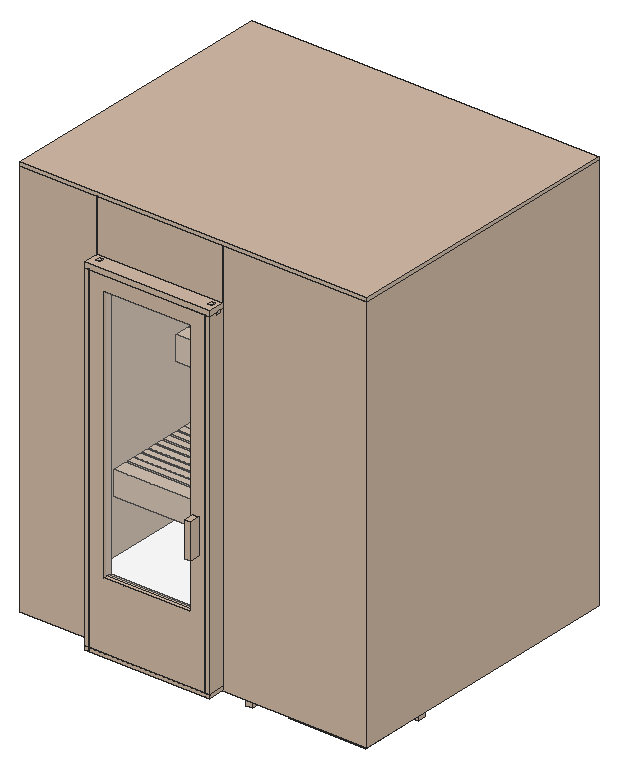
Revit family "Sauna-Room_Precut_Finlandia_FPC-56", category Specialty Equipment, Revit 2026
Family settings
  Round Connector Dimension = Use Diameter
  Part Type = Normal
  Classification Number = 23.40.50.34.37
  Work Plane-Based = Yes
  Enable Cutting in Views = No
  Always vertical = No
  Cut with Voids When Loaded = No
  Maintain Annotation Orientation = No
  Shared = No
  Room Calculation Point = No
Parameters (values of type "Reversed as Specified")
  Warranty Duration (Years) = 0
  Wall Thickness [instance] = 0' - 4"
  Wall Panel Thickness = 0' - 0 11/16"
  Unit Width = 6' - 0"
  Unit Height = 7' - 1"
  Unit Depth = 5' - 0"
  URL = "http://www.finlandiasauna.com/index.html"
  Standard = not(Reversed)  # no
  Specification = "http://www.arcat.com/sdspecs/htm/13052fin.htm"
  SpecWizard = ""
  Send Message = "http://www.arcat.com/users.pl?action=UserEmail&amp;company=Finlandia+Sauna+Products,+Inc.&amp;coid=32492&amp;rep=133&amp;fax=503-684-1120&amp;mf=95"
  Sales Information = "http://www.finlandiasauna.com/sauna-contactus.html"
  Revision = "R1_2014-07"
  Reversed = yes
  Product Properties = ""
  Product Data = "http://www.arcat.com/arcatcos/cos9532/arc32492.html"
  Model = "FPC 56"
  Manufacturer Website = "http://www.finlandiasauna.com/index.html"
  Manufacturer Phone - Toll Free = "800-354-3342"
  Manufacturer Phone = "503-684-8289"
  Manufacturer Fax = "503-684-1120"
  Manufacturer Address = "14010-B S.W. 72nd Ave.  Portland, OR 97224-0088"
  Manufacturer = "Finlandia Sauna Products, Inc."
  Maintenance Schedule (Months) = 0
  Keynote = "13052"
  Interior Finish [instance] = Wood - TnG - Finlandia - Red Cedar as Specified HO
  Installation-Fabrication = ""
  Installation Phase = ""
  Heater Type [instance] = SaunaHeater : FIN 3 kW
  Green Building-LEED = "http://www.arcat.com/green/clients95/leed_data_32492.html"
  Expected Lifespan (Years) = 0
  Drawn By = "Sumex Design, Inc. / Robert S. Weygant, CSI, CDT, SCIP"
  DoorOffset = if(Reversed, Unit Width - 1' 4" - Door RO Width, 1' 4")  # 2' - 6"
  Door Slab Finish [instance] = Wood - Douglas Fir - Finlandia - Finish as Specified
  Door RO Width = 2' - 2"
  Door RO Height [instance] = 6' - 0"
  Door Glazing Tint [instance] = Glazing - Finlandia - Clear
  Door Frame Finish [instance] = Wood - Douglas Fir - Finlandia - Finish as Specified
  Description = "Finlandia Precut Sauna Room - FPC 56 as Specified"
  Default Elevation = 0' - 0"
  Copyright = "©Arcat Inc."
  Construction Details = "http://www.arcat.com/details/finsauna/95finsauna.html?coid=32492"
  Capacity = "3 People"
  Bench Slat Material [instance] = Wood - Red Cedar - Finlandia - Finish as Specified
  Assembly Code = "F1010300"
Types (2): name | Standard | Reversed | DoorOffset
  Reversed as Specified | no | yes | 2' - 6"
  Standard as Specified | yes | no | 1' - 4"
Reference planes (in)
  plane 1 "Center (Front/Back)": y = 0
  plane 2 "Bottom": z = 0
  plane 3 "Center (Left/Right)": x = 0
  plane 4 "Front": y = -30
  plane 5 "Back": y = 30
  plane 6 "Left": x = -36
  plane 7 "Right": x = 36
  plane 8 "Top": z = 85
  plane 9: x = -35.3125
  plane 10: x = 35.3125
  plane 11: y = 29.3125
  plane 12: y = -29.3125
  plane 13: z = 1.5
  plane 14: x = -20
  plane 15: x = 6
  plane 16: z = 73.5
Forms (in)
  Extrusion 1, solid, material "Wood - Red Cedar - Finlandia - Finish as Specified"
    sketch origin (-43.59721, -180, 85) x (-1, 0, 0) y (0, -1, 0)
      loop
        line (-8.28471, -150.6875) -> (-8.28471, -209.3125) -> (-78.90971, -209.3125) -> (-78.90971, -150.6875) -> (-49.59721, -150.6875) -> (-49.59721, -150) -> (-79.59721, -150) -> (-79.59721, -210) -> (-7.59721, -210) -> (-7.59721, -150) -> (-23.59721, -150) -> (-23.59721, -150.6875) -> (-8.28471, -150.6875)
    from -83.5 to -0.6875
  Sweep 2, solid, material "Wood - Red Cedar - Finlandia - Finish as Specified" <- "Bench Slat Material"
    path origin (-77.70319, 6.79815, 0) x (-1, 0, 0) y (0, 1, 0)
      loop
        line (-113.01569, 22.51435) -> (-42.39069, 22.51435)
    profile "Bench : Bench" origin (0, 29.3125, 0) x (0, -1, 0) y (0, 0, 1)
      loop
        line (0, 31.5) -> (18.5, 31.5) -> (18.5, 31) -> (20, 31) -> (20, 36) -> (17, 36) -> (17, 34.5) -> (16.625, 34.5) -> (16.625, 36) -> (15.125, 36) -> (15.125, 34.5) -> (14.75, 34.5) -> (14.75, 36) -> (13.25, 36) -> (13.25, 34.5) -> (12.875, 34.5) -> (12.875, 36) -> (11.375, 36) -> (11.375, 34.5) -> (11, 34.5) -> (11, 36) -> (9.5, 36) -> (9.5, 34.5) -> (9.125, 34.5) -> (9.125, 36) -> (7.625, 36) -> (7.625, 34.5) -> (7.25, 34.5) -> (7.25, 36) -> (5.75, 36) -> (5.75, 34.5) -> (5.375, 34.5) -> (5.375, 36) -> (3.875, 36) -> (3.875, 34.5) -> (3.5, 34.5) -> (3.5, 36) -> (2, 36) -> (2, 34.5) -> (1.625, 34.5) -> (1.625, 36) -> (0, 36) -> (0, 31.5)
  Sweep 3, solid, material "Wood - Red Cedar - Finlandia - Finish as Specified" <- "Bench Slat Material"
    path origin (-77.70319, -13.20185, 0) x (-1, 0, 0) y (0, 1, 0)
      loop
        line (-113.01569, 26.51435) -> (-42.39069, 26.51435)
    profile "Bench : Bench" origin (0, 13.3125, 0) x (0, -1, 0) y (0, 0, 1)
      loop
        line (0, 13.5) -> (18.5, 13.5) -> (18.5, 13) -> (20, 13) -> (20, 18) -> (17, 18) -> (17, 16.5) -> (16.625, 16.5) -> (16.625, 18) -> (15.125, 18) -> (15.125, 16.5) -> (14.75, 16.5) -> (14.75, 18) -> (13.25, 18) -> (13.25, 16.5) -> (12.875, 16.5) -> (12.875, 18) -> (11.375, 18) -> (11.375, 16.5) -> (11, 16.5) -> (11, 18) -> (9.5, 18) -> (9.5, 16.5) -> (9.125, 16.5) -> (9.125, 18) -> (7.625, 18) -> (7.625, 16.5) -> (7.25, 16.5) -> (7.25, 18) -> (5.75, 18) -> (5.75, 16.5) -> (5.375, 16.5) -> (5.375, 18) -> (3.875, 18) -> (3.875, 16.5) -> (3.5, 16.5) -> (3.5, 18) -> (2, 18) -> (2, 16.5) -> (1.625, 16.5) -> (1.625, 18) -> (0, 18) -> (0, 13.5)
  Extrusion 4, solid, material "Wood - Red Cedar - Finlandia - Finish as Specified"
    sketch origin (-43.59721, -180, 85) x (-1, 0, 0) y (0, -1, 0)
      loop
        line (-23.59721, -150.6875) -> (-23.59721, -150) -> (-49.59721, -150) -> (-49.59721, -150.6875) -> (-23.59721, -150.6875)
    from -0.6875 to -11.5
  Extrusion 5, solid, material "Wood - TnG - Finlandia - Red Cedar as Specified HO" <- "Interior Finish"
    sketch origin (-43.59721, -180, 85) x (-1, 0, 0) y (0, -1, 0)
      loop
        line (-7.59721, -210) -> (-7.59721, -150) -> (-79.59721, -150) -> (-79.59721, -210) -> (-7.59721, -210)
    from 0 to -0.6875
  Extrusion 6, solid, material "Wood - Red Cedar - Finlandia - Finish as Specified" <- "Bench Slat Material", visible <- "Standard"
    sketch origin (0, 0, 0) x (1, 0, 0) y (0, 1, 0)
      loop
        line (-11.8125, -29.3125) -> (-10.3125, -29.3125) -> (-10.3125, -14.3125) -> (-35.3125, -14.3125) -> (-35.3125, -15.8125) -> (-11.8125, -15.8125) -> (-11.8125, -29.3125)
    from 0 to 31.5
  Extrusion 7, solid, material "Wood - Red Cedar - Finlandia - Finish as Specified" <- "Bench Slat Material", visible <- "Reversed"
    sketch origin (0, 0, 0) x (-1, 0, 0) y (0, -1, 0)
      loop
        line (-11.8125, 29.3125) -> (-11.8125, 15.8125) -> (-35.3125, 15.8125) -> (-35.3125, 14.3125) -> (-10.3125, 14.3125) -> (-10.3125, 29.3125) -> (-11.8125, 29.3125)
    from 0 to 31.5
Dimensions and locks (in)
  equal spacing: plane 6 "Left", plane 3 "Center (Left/Right)", plane 7 "Right"
  "Unit Width": plane 6 "Left" to plane 7 "Right"
  equal spacing: plane 5 "Back", plane 1 "Center (Front/Back)", plane 4 "Front"
  "Unit Depth": plane 5 "Back" to plane 4 "Front"
  "Unit Height": plane 8 "Top" to level
  "Wall Panel Thickness": plane 5 "Back" to plane 11
  "Wall Panel Thickness": plane 12 to plane 4 "Front"
  "Wall Panel Thickness": plane 6 "Left" to plane 9
  "Wall Panel Thickness": plane 10 to plane 7 "Right"
  locked: plane 13 to level at 1.5
  "Door RO Width": plane 14 to plane 15
  "DoorOffset": plane 15 to plane 7 "Right"
  locked: plane 11 to Sweep 3 sketch curve at 16
  plane 9 to Sweep 3 sketch curve = 0' - 0"
  Sweep 3 sketch curve to plane 10 = 0' - 0"
  Sweep 2 sketch curve to plane 10 = 0' - 0"
  plane 9 to Sweep 2 sketch curve = 0' - 0"
  "Door RO Height": plane 16 to plane 13
  locked: plane 9 to nested 1 at 1
  locked: nested 1 to plane 12 at 1
  locked: nested 2 to plane 10 at 1
  locked: nested 2 to plane 12 at 1
  plane 9 to Extrusion 6 sketch curve to Extrusion 6 sketch curve = 1' - 11 1/2" locked, 0' - 1 1/2" locked
  locked: Extrusion 7 sketch curve to Extrusion 7 sketch curve at 1.5
  locked: Extrusion 7 sketch curve to plane 10 at 23.5
  aligned and locked: Extrusion 1 sketch curve to plane 9
  aligned and locked: Extrusion 1 sketch curve to plane 11
  aligned and locked: Extrusion 1 sketch curve to plane 10
  aligned and locked: Extrusion 1 sketch curve to plane 12
  aligned and locked: Extrusion 1 to plane 13
  aligned and locked: Extrusion 1 sketch curve to plane 4 "Front"
  aligned and locked: Extrusion 1 sketch curve to plane 7 "Right"
  aligned and locked: Extrusion 1 sketch curve to plane 5 "Back"
  aligned and locked: Extrusion 1 sketch curve to plane 6 "Left"
  aligned: plane 8 "Top" to Extrusion 1
  aligned and locked: Sweep 2 sketch curve to plane 11
  aligned and locked: plane 14 to Extrusion 1 sketch curve
  aligned and locked: plane 15 to Extrusion 1 sketch curve
  aligned and locked: plane 14 to Extrusion 4 sketch curve
  aligned and locked: Extrusion 4 sketch curve to plane 15
  aligned and locked: Extrusion 4 sketch curve to plane 12
  aligned and locked: plane 4 "Front" to Extrusion 4 sketch curve
  aligned and locked: Extrusion 4 to plane 16
  aligned and locked: nested 3 to plane 12
  aligned and locked: plane 15 to nested 3
  aligned and locked: Extrusion 5 sketch curve to plane 7 "Right"
  aligned and locked: Extrusion 5 sketch curve to plane 6 "Left"
  aligned and locked: Extrusion 5 sketch curve to plane 5 "Back"
  aligned and locked: Extrusion 5 sketch curve to plane 4 "Front"
Automatic sketch dimensions
  plane 12 to Extrusion 1 sketch curve = 0' - 0"
  Extrusion 1 sketch curve to plane 4 "Front" = 0' - 0"
  Extrusion 6 sketch curve to plane 9 = 0' - 0"
  Extrusion 6 sketch curve to plane 12 = 0' - 0"
  Extrusion 6 sketch curve to Extrusion 6 sketch curve = 1' - 1 1/2"
  Extrusion 6 sketch curve to Extrusion 6 sketch curve = 0' - 1 1/2"
  Extrusion 7 sketch curve to plane 10 = 0' - 0"
  Extrusion 7 sketch curve to plane 12 = 0' - 0"
  Extrusion 7 sketch curve to Extrusion 7 sketch curve = 1' - 1 1/2"
  Extrusion 7 sketch curve to Extrusion 7 sketch curve = 0' - 1 1/2"
Nested families (in)
  nested 1: "SaunaHeater" at (-26.3125, -22.8125, 0), type <- "Heater Type", visible <- "Standard", type "FIN 3 kW"
    with Width 1' - 4", Height 2' - 0", Depth 0' - 11"
  nested 2: "SaunaHeater" at (26.3125, -22.8125, 0) x (-1, 0, 0) z (0, 0, 1), type <- "Heater Type", visible <- "Reversed", type "FIN 3 kW"
    with Width 1' - 4", Height 2' - 0", Depth 0' - 11"
  nested 3: "Door" at (-7, -31.3125, 1.5), Swing Right <- "Standard", Swing Left <- "Reversed", frame finish <- "Door Frame Finish", glazing <- "Door Glazing Tint", door finish <- "Door Slab Finish", Wall Thickness <- "Wall Thickness", Rough Width <- "Door RO Width", Rough Height <- "Door RO Height", type "Standard"
    with glazing Glazing - Finlandia - Clear, frame finish Wood - Douglas Fir - Finlandia - Finish as Specified, door finish Wood - Douglas Fir - Finlandia - Finish as Specified, built-in parameter 1001301 2' - 0", Wall Thickness 0' - 4", Swing Right no, Swing Left yes, built-in parameter 1001305 2' - 2", built-in parameter 1001304 6' - 0"
Connectors (in)
  electrical at (0, 0, 85)
    settings: on Extrusion 5, index 1, voltage 0 V, apparent load 0 VA, apparent load phase1 0 VA, apparent load phase2 0 VA, apparent load phase3 0 VA, power factor 1, load classification "Other", number of poles 1, system type 31, power factor state 1, is connector primary yes, connector utility no, sub classification motor no, connector description ""
Definition of nested family "SaunaHeater"
  Parameters
    Width = 1' - 8 1/8"
    Height = 2' - 8"
    Depth = 1' - 8 1/8"
    Default Elevation = 0' - 0"
  Reference planes (in)
    plane 1 "Center (Front/Back)": y = 0
    plane 2: z = 0
    plane 3 "Center (Left/Right)": x = 0
    plane 4: x = -10.0625
    plane 5: x = 10.0625
    plane 6: y = 10.0625
    plane 7: y = -10.0625
    plane 8: z = 32
  Forms (in)
    Extrusion 1, solid
      sketch origin (0, 0, 0) x (1, 0, 0) y (0, 1, 0)
        loop
          line (-10.0625, 10.0625) -> (-10.0625, -10.0625) -> (10.0625, -10.0625) -> (10.0625, 10.0625) -> (-10.0625, 10.0625)
      from 0 to 32
  Dimensions and locks (in)
    equal spacing: plane 4, plane 3 "Center (Left/Right)", plane 5
    equal spacing: plane 6, plane 1 "Center (Front/Back)", plane 7
    "Depth": plane 6 to plane 7
    "Width": plane 4 to plane 5
    "Height": plane 8 to level
    aligned and locked: level to plane 2
    aligned and locked: Extrusion 1 sketch curve to plane 6
    aligned and locked: plane 4 to Extrusion 1 sketch curve
    aligned and locked: plane 7 to Extrusion 1 sketch curve
    aligned and locked: Extrusion 1 sketch curve to plane 5
    aligned and locked: plane 8 to Extrusion 1
Definition of nested family "Door"
  Parameters
    frame finish [instance] = none
    glazing [instance] = none
    door finish [instance] = none
    Width [instance] = Rough Width - 0' 2"  # 2' - 0"
    Wall Thickness [instance] = 1' - 2"
    Swing Right [instance] = yes
    Swing Left [instance] = yes
    Rough Width [instance] = 2' - 2"
    Rough Height [instance] = 4' - 11.36872"
    Default Elevation = 4' - 0"
    Assembly Code = ""
  Reference planes (in)
    plane 1 "Center (Front/Back)": y = 0
    plane 2: z = 0
    plane 3 "Center (Left/Right)": x = 0
    plane 4: x = -13
    plane 5: x = 13
    plane 6: y = 7
    plane 7: y = -7
    plane 8: z = 59.36872
    plane 9: x = -13.75
    plane 10: x = 13.75
    plane 11: y = -31
  Forms (in)
    Extrusion 1, solid, material <- "frame finish"
      sketch origin (-22.33749, -180, 59.36872) x (-1, 0, 0) y (0, -1, 0)
        loop
          line (-9.33749, -187) -> (-9.33749, -173) -> (-10.33749, -173) -> (-10.33749, -187.5) -> (-8.58749, -187.5) -> (-8.58749, -187) -> (-9.33749, -187)
        loop
          line (-35.33749, -187) -> (-36.08749, -187) -> (-36.08749, -187.5) -> (-34.33749, -187.5) -> (-34.33749, -173) -> (-35.33749, -173) -> (-35.33749, -187)
      from -59.36872 to -1
    Extrusion 2, solid, material <- "frame finish"
      sketch origin (0, 0, 0) x (0, 1, 0) y (0, 0, 1)
        loop
          line (7, 58.36872) -> (7, 58.86872) -> (7.5, 58.86872) -> (7.5, 60.11872) -> (7, 60.11872) -> (7, 59.36872) -> (-7, 59.36872) -> (-7, 58.36872) -> (7, 58.36872)
      from -13 to 13
    Extrusion 3, solid, material <- "frame finish"
      sketch origin (0, 0, 0) x (1, 0, 0) y (0, 1, 0)
        loop
          line (-12, -5.25) -> (-11.25, -5.25) -> (-11.25, -4.375) -> (-12, -4.375) -> (-12, -5.25)
        loop
          line (12, -5.25) -> (12, -4.375) -> (11.25, -4.375) -> (11.25, -5.25) -> (12, -5.25)
      from 0 to 59.36872
    Extrusion 4, solid, material <- "frame finish"
      sketch origin (0, 0, 0) x (0, 1, 0) y (0, 0, 1)
        loop
          line (-5.25, 58.36872) -> (-5.25, 57.86872) -> (-4.375, 57.86872) -> (-4.375, 58.36872) -> (-5.25, 58.36872)
      from -13 to 13
    Extrusion 5, solid, material <- "door finish"
      sketch origin (-22.31101, -7, 48) x (-1, 0, 0) y (0, 0, 1)
        loop
          line (-34.31101, -47.25) -> (-10.31101, -47.25) -> (-10.31101, 10.36872) -> (-34.31101, 10.36872) -> (-34.31101, -47.25)
        loop
          line (-13.31101, 7.36872) -> (-31.31101, 7.36872) -> (-31.31101, -33.25) -> (-13.31101, -33.25) -> (-13.31101, 7.36872)
      from 0 to 1.75
    Extrusion 6, solid, material <- "frame finish"
      sketch origin (0, 0, 0) x (0, 1, 0) y (0, 0, 1)
        loop
          line (-7, 0.75) -> (-7, 0) -> (7, 0) -> (7, 0.75) -> (-7, 0.75)
      from -13 to 13
    Extrusion 7, solid, material <- "glazing"
      sketch origin (-22.31101, -7, 48) x (-1, 0, 0) y (0, 0, 1)
        loop
          line (-13.31101, 7.36872) -> (-31.31101, 7.36872) -> (-31.31101, -33.25) -> (-13.31101, -33.25) -> (-13.31101, 7.36872)
      from 1.125 to 0.625
    Extrusion 8, solid, material <- "door finish", visible <- "Swing Right"
      sketch origin (-22.31101, -7, 48) x (-1, 0, 0) y (0, 0, 1)
        loop
          line (-11.5611, -15.059) -> (-12.8111, -15.059) -> (-12.8111, -22.309) -> (-11.5611, -22.309) -> (-11.5611, -15.059)
      from 0 to -2
    Extrusion 9, solid, material <- "door finish", visible <- "Swing Left"
      sketch origin (-22.31101, -7, 48) x (-1, 0, 0) y (0, 0, 1)
        loop
          line (-33.06091, -15.059) -> (-33.06091, -22.309) -> (-31.81091, -22.309) -> (-31.81091, -15.059) -> (-33.06091, -15.059)
      from 0 to -2
    Extrusion 10, solid, material <- "frame finish"
      sketch origin (-22.31101, 7, 48) x (-1, 0, 0) y (0, 0, 1)
        loop
          line (-9.31101, 12.11872) -> (-9.31101, 10.36872) -> (-8.56101, 10.36872) -> (-8.56101, 12.11872) -> (-9.31101, 12.11872)
        loop
          line (-35.31101, 12.11872) -> (-36.06101, 12.11872) -> (-36.06101, 10.36872) -> (-35.31101, 10.36872) -> (-35.31101, 12.11872)
      from 0 to 0.5
  Cuts and joins
    joined: Extrusion 1, Extrusion 10
  Lines and regions (in)
    symbolic lines, visible <- "Swing Right"
      curve 1: line (12, -7, 0) -> (12, -31, 0)
      curve 2: arc (12, -31, 0) -> (-4.97056, -23.97056, 0) -> (-12, -7, 0) r 24
    symbolic lines, visible <- "Swing Left"
      curve 3: arc (-12, -31, 0) -> (4.97056, -23.97056, 0) -> (12, -7, 0) r 24
      curve 4: line (-12, -31, 0) -> (-12, -7, 0)
  Dimensions and locks (in)
    equal spacing: plane 6, plane 1 "Center (Front/Back)", plane 7
    "Wall Thickness": plane 6 to plane 7
    equal spacing: plane 4, plane 3 "Center (Left/Right)", plane 5
    "Rough Width": plane 4 to plane 5
    "Rough Height": plane 8 to level
    Extrusion 1 sketch curve to plane 4 to Extrusion 1 sketch curve = 0' - 0 3/4" locked, 0' - 1" locked
    locked: Extrusion 1 sketch curve to plane 6 at 0.5  (x2)
    Extrusion 1 sketch curve to plane 5 to Extrusion 1 sketch curve = 0' - 1" locked, 0' - 0 3/4" locked
    locked: plane 6 to Extrusion 2 sketch curve at 0.5
    Extrusion 2 sketch curve to plane 8 to Extrusion 2 sketch curve to Extrusion 2 sketch curve = 0' - 0 3/4" locked, 0' - 0 1/2" locked, 0' - 0 1/2" locked
    Extrusion 3 sketch curve to Extrusion 3 sketch curve to plane 7 = 0' - 0 7/8" locked, 0' - 1 3/4" locked
    locked: Extrusion 3 sketch curve to Extrusion 3 sketch curve at 0.875
    locked: Extrusion 3 sketch curve to plane 7 at 1.75
    Extrusion 3 sketch curve to Extrusion 3 sketch curve to plane 5 = 0' - 0 3/4" locked, 0' - 1" locked
    plane 4 to Extrusion 3 sketch curve to Extrusion 3 sketch curve = 0' - 1" locked, 0' - 0 3/4" locked
    plane 7 to Extrusion 4 sketch curve to Extrusion 4 sketch curve = 0' - 1 3/4" locked, 0' - 0 7/8" locked
    plane 8 to Extrusion 4 sketch curve to Extrusion 4 sketch curve = 0' - 1" locked, 0' - 0 1/2" locked
    locked: plane 4 to plane 9 at 0.75
    locked: plane 10 to plane 5 at 0.75
    locked: Extrusion 5 sketch curve to plane 4 at 1
    locked: plane 5 to Extrusion 5 sketch curve at 1
    locked: plane 8 to Extrusion 5 sketch curve at 1
    locked: Extrusion 5 sketch curve to level at 0.75
    locked: Extrusion 6 sketch curve to level at 0.75
    locked: Extrusion 5 sketch curve to Extrusion 5 sketch curve at 3  (x3)
    locked: Extrusion 5 sketch curve to level at 14.75
    locked: Extrusion 7 sketch curve to level at 14.75
    locked: plane 8 to Extrusion 7 sketch curve at 4
    locked: Extrusion 7 sketch curve to plane 4 at 4
    locked: plane 5 to Extrusion 7 sketch curve at 4
    "Width": plane 7 to plane 11
    Extrusion 8 sketch curve to Extrusion 8 sketch curve to level = 0' - 7 1/4" locked, 2' - 1.691" locked
    locked: Extrusion 9 sketch curve to Extrusion 9 sketch curve at 7.25
    plane 5 to Extrusion 9 sketch curve to Extrusion 9 sketch curve = 0' - 2.25009" locked, 0' - 1 1/4" locked
    locked: Extrusion 9 sketch curve to level at 25.691
    Extrusion 8 sketch curve to Extrusion 8 sketch curve to plane 4 = 0' - 1 1/4" locked, 0' - 2.25009" locked
    aligned and locked: plane 2 to level
    aligned and locked: Extrusion 1 sketch curve to plane 4
    aligned and locked: plane 6 to Extrusion 1 sketch curve
    aligned and locked: Extrusion 1 sketch curve to plane 5
    aligned and locked: Extrusion 1 sketch curve to plane 6
    aligned: plane 8 to Extrusion 1
    aligned and locked: plane 8 to Extrusion 2 sketch curve
    aligned and locked: Extrusion 2 sketch curve to plane 6
    aligned and locked: plane 6 to Extrusion 2 sketch curve
    aligned and locked: plane 8 to Extrusion 3
    aligned and locked: plane 5 to Extrusion 4
    aligned and locked: Extrusion 4 to plane 4
    aligned: plane 9 to Extrusion 2
    aligned: Extrusion 2 to plane 10
    aligned and locked: Extrusion 6 sketch curve to plane 7
    aligned and locked: plane 6 to Extrusion 6 sketch curve
    aligned and locked: Extrusion 6 sketch curve to level
    aligned and locked: plane 5 to Extrusion 6
    aligned and locked: Extrusion 6 to plane 4
    aligned and locked: Extrusion 1 to level
    aligned and locked: plane 5 to Extrusion 2
    aligned and locked: Extrusion 2 to plane 4
  Automatic sketch dimensions
    curve 3 to plane 7 = 0' - 0"
    curve 4 to plane 11 = 0' - 0"
    curve 4 to plane 7 = 0' - 0"
    plane 4 to curve 3 = 0' - 1"
    Extrusion 1 sketch curve to plane 7 = 0' - 0"  (x2)
    Extrusion 2 sketch curve to plane 7 = 0' - 0"
    plane 10 to Extrusion 10 sketch curve = 0' - 0"
    Extrusion 10 sketch curve to plane 5 = 0' - 0"
    Extrusion 10 sketch curve to plane 4 = 0' - 0"
    plane 9 to Extrusion 10 sketch curve = 0' - 0"
    Extrusion 10 sketch curve to plane 8 = 0' - 1"  (x2)
    plane 8 to Extrusion 10 sketch curve = 0' - 0 3/4"  (x2)
